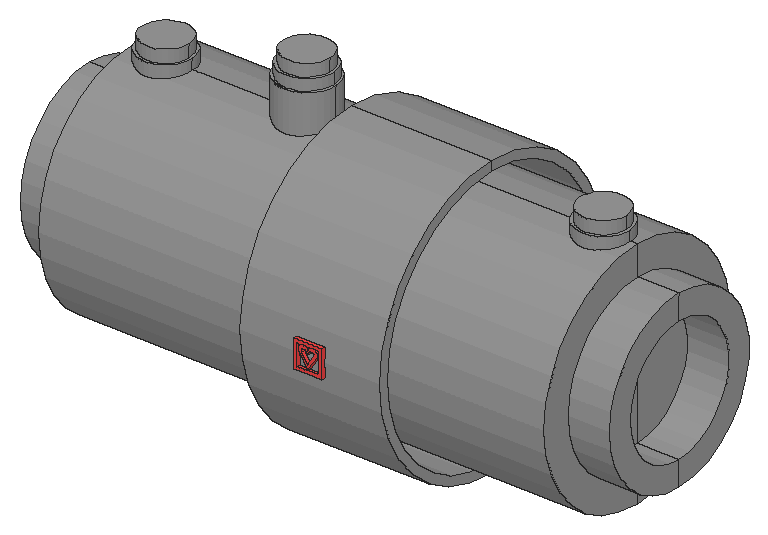
Revit family "HERZ System Separator 0307 IG-IG", category Rohrzubehör, Revit 2019
Family settings
  Bemaßung runder Anschluss = Durchmesser verwenden
  Teiletyp = Unterbricht
  OmniClass-Nummer = 23.65.55.14
  OmniClass-Titel = Valves for Liquid Services
  Arbeitsebenenbasiert = Nein
  Immer vertikal = Ja
  Beim Laden mit Abzugskörper schneiden = Nein
  Gemeinsam genutzt = Nein
Parameters (values of type "IG-IG DN40-DN40")
  URL = "www.herzvalves.com"
  SCTWSEQ = "AW;SBT_TYP_AW=\"104\";2"
  SCTWCODE = "04;12;02"  # constant formula
  S03 = 15.000 mm  # constant formula
  S02 = 45.000 mm  # constant formula
  S01 = 98.000 mm  # constant formula
  Nennweite Ein [instance] = if(IG_IG_DN40_DN40, 40.000 mm, if(IG_IG_DN40_DN50, 40.000 mm, if(IG_IG_DN50_DN40, 50.000 mm, if(IG_IG_DN50_DN50, 50.000 mm, 0.000 mm))))  # 40.000 mm
  Nennweite Aus [instance] = if(IG_IG_DN40_DN40, 40.000 mm, if(IG_IG_DN40_DN50, 50.000 mm, if(IG_IG_DN50_DN40, 40.000 mm, if(IG_IG_DN50_DN50, 50.000 mm, 0.000 mm))))  # 40.000 mm
  Model = "The backflow preventer has been developed in accordance with the standard DIN EN 1717.\r\nAccording to this standard, the water quality is divided up into 5 classes depending on the degree of contamination.\r\nBackflow preventers of type BA provide protection against non-drinking water up to hazard class 4.\r\nThis is the highest hazard class that may be safeguarded with a valve.\r\nSafeguarding a standpipe with a lower form of protection than a system separator of type BA per DIN EN 1717 is no longer reflective of current engineering practice and the operator is therefore liable in the event of damage with such a standpipe.\r\nThe functional unit is designed as a single-piece cartridge with large-dimension control piston and pressure surge-damped discharge valve system.\r\nThreaded connections are mutually interchangeable, whereby 16 possible connection variants exist (intake and outlet side available in 1 1/2\" inner or outer thread, alternatively in 2\" inner or outer thread)."
  Medium = "Water (without steam)"  # constant formula
  Max. permissible temperature (short-term) = 80 °C  # constant formula
  Max. operating temperature = 65 °C  # constant formula
  Max. operating pressure = 1000000.0 Pa  # constant formula
  L08 = 45.000 mm  # constant formula
  L07 = 24.500 mm  # constant formula
  L06 = 70.000 mm  # constant formula
  L05 = 28.000 mm  # constant formula
  L04 = 13.500 mm  # constant formula
  L03 = 84.500 mm  # constant formula
  L02 = 18.000 mm  # constant formula
  L01 = 190.000 mm  # constant formula
  Installation position = "Horizontal or perpendicular pointing downwards"  # constant formula
  Note = "Pursuant to Article 33 of the REACH Regulation (EC No. 1907/2006), we are obliged to point out that the material lead is listed on the SVHC list and that all brass components manufactured in our products exceed 0.1% (w / w) lead (CAS: 7439-92-1 / EINECS: 231-100-4).\r\nSince lead is a component part of an alloy, actual exposure is not possible and therefore no additional information on safe use is necessary."
  Hersteller = "HERZ Armaturen Ges.m.b.H."  # constant formula
  D04 [instance] = if(IG_IG_DN40_DN40, 28.000 mm, if(IG_IG_DN40_DN50, 33.000 mm, if(IG_IG_DN50_DN40, 28.000 mm, if(IG_IG_DN50_DN50, 33.000 mm, 0.000 mm))))  # 28.000 mm
  D03 [instance] = if(IG_IG_DN40_DN40, 28.000 mm, if(IG_IG_DN40_DN50, 28.000 mm, if(IG_IG_DN50_DN40, 33.000 mm, if(IG_IG_DN50_DN50, 33.000 mm, 0.000 mm))))  # 28.000 mm
  D02 = 45.000 mm  # constant formula
  D01 = 37.500 mm  # constant formula
  Body = "stainless steel"  # constant formula
  Part number [instance] = if(IG_IG_DN40_DN40, "I030701", if(IG_IG_DN40_DN50, "I030709", if(IG_IG_DN50_DN40, "I030713", if(IG_IG_DN50_DN50, "I030705", "0"))))  # "I030701"
  IG_IG_DN50_DN50 = no
  IG_IG_DN50_DN40 = no
  IG_IG_DN40_DN50 = no
  IG_IG_DN40_DN40 = yes
  IG Ein [instance] = Nennweite Ein / 2  # 20.000 mm
  IG Aus [instance] = Nennweite Aus / 2  # 20.000 mm
  Application = "The backflow preventer is an economical solution for retrofitting to standpipes that are required to have a mandatory safety valve according to DIN EN 1717 for preventing the back-suction, back-flowing or back-pressuring of non-drinking water into the drinking water line.\r\nThe backflow preventer is suitable for horizontal installation.\r\nIt can also be fitted perpendicular, although only pointing downwards.\r\nIt is not approved for installation in a riser."
Types (5, lengths in mm): name | Nennweite Ein | Nennweite Aus | D04 | D03 | Part number | IG_IG_DN50_DN50 | IG_IG_DN50_DN40 | IG_IG_DN40_DN50 | IG_IG_DN40_DN40 | IG Ein | IG Aus
  (no name) | 40.000 | 40.000 | 28.000 | 28.000 | "I030701" | no | no | no | yes | 20.000 | 20.000
  IG-IG DN40-DN50 | 40.000 | 50.000 | 33.000 | 28.000 | "I030709" | no | no | yes | no | 20.000 | 25.000
  IG-IG DN40-DN40 | 40.000 | 40.000 | 28.000 | 28.000 | "I030701" | no | no | no | yes | 20.000 | 20.000
  IG-IG DN50-DN50 | 50.000 | 50.000 | 33.000 | 33.000 | "I030705" | yes | no | no | no | 25.000 | 25.000
  IG-IG DN50-DN40 | 50.000 | 40.000 | 28.000 | 33.000 | "I030713" | no | yes | no | no | 25.000 | 20.000
Reference planes
  plane 1 "Mitte (Vorne/hinten)": y = 0
  plane 2: z = 0
  plane 3 "Mitte (Links/rechts)": x = 0
Forms (mm)
  Revolve 1, solid, material "Messing, weicher Gelbton, geschweißt", detail levels fine
    sketch origin (0, 0, 0) x (1, 0, 0) y (0, 0, 1)
      loop
        line (81.5, 0) -> (81.5, 20) -> (95, 20) -> (95, 28) -> (81.5, 28) -> (81.5, 37.5) -> (-81.5, 37.5) -> (-81.5, 28) -> (-95, 28) -> (-95, 20) -> (-81.5, 20) -> (-81.5, 0) -> (81.5, 0)
      axis (-95, 0) -> (95, 0)
    angle from 0 to 360
  Revolve 2, solid, material "Acetalharz, Schwarz", detail levels fine
    sketch origin (0, 0, 0) x (1, 0, 0) y (0, 0, 1)
      loop
        line (-10.5, 0) -> (1.5, 0) -> (1.5, 42) -> (34.5, 42) -> (34.5, 45) -> (-10.5, 45) -> (-10.5, 0)
      axis (-10.5, 0) -> (34.5, 0)
    angle from 0 to 360
  Extrusion 3, solid, material "Messing, weicher Gelbton, geschweißt", detail levels fine
    sketch origin (0, 0, 0) x (1, 0, 0) y (0, 1, 0)
      loop
        circle (-70.5, 0) r 8.5
      loop
        circle (70.5, 0) r 8.5
    from 0 to 40.5
  Extrusion 4, solid, material "Acetalharz, Schwarz", detail levels fine
    sketch origin (0, 0, 0) x (1, 0, 0) y (0, 1, 0)
      loop
        circle (-70.5, 0) r 7.5
      loop
        circle (70.5, 0) r 7.5
    from 40.5 to 44.5
  Extrusion 5, solid, material "Messing, weicher Gelbton, geschweißt", detail levels fine
    sketch origin (0, 0, 0) x (1, 0, 0) y (0, 1, 0)
      loop
        circle (-25, 0) r 9.3
    from 0 to 49
  Extrusion 6, solid, material "Messing, weicher Gelbton, geschweißt", detail levels fine
    sketch origin (0, 0, 0) x (1, 0, 0) y (0, 1, 0)
      loop
        circle (-25, 0) r 8.5
    from 49 to 52.5
  Extrusion 7, solid, material "Acetalharz, Schwarz", visible <- "IG_IG_DN40_DN50", detail levels fine
    sketch origin (0, 0, 0) x (1, 0, 0) y (0, 1, 0)
      loop
        circle (-25, 0) r 7.5
    from 52.5 to 56.5
  Extrusion 8, solid, material "Acetalharz, Schwarz", visible <- "IG_IG_DN40_DN40", detail levels fine
    sketch origin (0, 0, 0) x (1, 0, 0) y (0, 1, 0)
      loop
        circle (-25, 0) r 7.5
    from 52.5 to 56.4
  Extrusion 9, solid, material "Acetalharz, Schwarz", visible <- "IG_IG_DN50_DN50", detail levels fine
    sketch origin (0, 0, 0) x (1, 0, 0) y (0, 1, 0)
      loop
        circle (-25, 0) r 7.5
    from 52.5 to 56.3
  Extrusion 10, solid, material "Acetalharz, Schwarz", visible <- "IG_IG_DN50_DN40", detail levels fine
    sketch origin (0, 0, 0) x (1, 0, 0) y (0, 1, 0)
      loop
        circle (-25, 0) r 7.5
    from 52.5 to 56.2
Lines and regions (mm)
  model lines, detail levels coarse+medium
    curve 1: line (-95, 0, 37.5) -> (95, 0, 37.5)
    curve 2: line (-95, 0, -37.5) -> (-95, 0, 37.5)
    curve 3: line (95, 0, -37.5) -> (-95, 0, -37.5)
    curve 4: line (95, 0, 37.5) -> (95, 0, -37.5)
    curve 5: line (-95, 0, -22.5) -> (-50, 0, -22.5)
    curve 6: line (-3, 0, -22.5) -> (95, 0, -22.5)
    curve 7: line (-95, 0, 22.5) -> (-50, 0, 22.5)
    curve 8: line (-3, 0, 22.5) -> (95, 0, 22.5)
    curve 9: line (-95, 37.5, 0) -> (95, 37.5, 0)
    curve 10: line (-95, -37.5, 0) -> (-95, 37.5, 0)
    curve 11: line (95, -37.5, 0) -> (-95, -37.5, 0)
    curve 12: line (95, 37.5, 0) -> (95, -37.5, 0)
    curve 13: line (-95, 22.5, 0) -> (-50, 22.5, 0)
    curve 14: line (-3, 22.5, 0) -> (95, 22.5, 0)
    curve 15: line (-95, -22.5, 0) -> (-50, -22.5, 0)
    curve 16: line (-3, -22.5, 0) -> (95, -22.5, 0)
Dimensions and locks
  equal spacing: curve 4, plane 3 "Mitte (Links/rechts)", curve 2
  "L01": curve 4 to curve 2
  "D01": curve 1 to plane 2 to curve 3
  "S03": curve 5 to curve 3
  "S03": curve 1 to curve 7
  "S03": curve 1 to curve 8
  "S03": curve 6 to curve 3
  "S02": curve 5 to curve 2
  "S02": curve 7 to curve 2
  "S01": curve 8 to curve 4
  "S01": curve 6 to curve 4
  equal spacing: curve 10, plane 3 "Mitte (Links/rechts)", curve 12
  "L01": curve 10 to curve 12
  "D01": curve 11 to plane 1 "Mitte (Vorne/hinten)" to curve 9
  "S03": curve 13 to curve 9
  "S03": curve 11 to curve 15
  "S03": curve 14 to curve 9
  "S03": curve 11 to curve 16
  "S01": curve 14 to curve 12
  "S01": curve 16 to curve 12
  "S02": curve 10 to curve 15
  "S02": curve 10 to curve 13
  "D02": Revolve 2 sketch curve to Revolve 2 sketch curve
  equal spacing: Revolve 2, nested 1, Revolve 2
  "D02": nested 1 to plane 1 "Mitte (Vorne/hinten)"
  "IG Ein": Revolve 1 sketch curve to plane 2
  "D03": Revolve 1 sketch curve to plane 2
  "D01": Revolve 1 sketch curve to plane 2
  "L03": Revolve 1 to Revolve 2 sketch curve
  "L07": Revolve 1 to Extrusion 3 sketch curve
  "L07": Revolve 1 to Extrusion 4 sketch curve
  "L06": Revolve 1 to Extrusion 5 sketch curve
  "L06": Revolve 1 to Extrusion 6 sketch curve
  "L06": Revolve 1 to Extrusion 10 sketch curve
  "L06": Revolve 1 to Extrusion 9 sketch curve
  "L06": Revolve 1 to Extrusion 8 sketch curve
  "L06": Revolve 1 to Extrusion 7 sketch curve
  "L08": Revolve 2 sketch curve to Revolve 2 sketch curve
  "IG Aus": Revolve 1 sketch curve to Revolve 1 sketch curve
  "D04": Revolve 1 sketch curve to Revolve 1 sketch curve
  "L01": Revolve 1 sketch curve to Revolve 1 sketch curve
  equal spacing: Revolve 1 sketch curve, plane 3 "Mitte (Links/rechts)", Revolve 1 sketch curve
  "L07": Extrusion 3 sketch curve to Revolve 1
  "L07": Extrusion 4 sketch curve to Revolve 1
  "L04": Revolve 1 sketch curve to Revolve 1 sketch curve  (x2)
  aligned and locked: level to plane 2
Automatic sketch dimensions
  Revolve 1 sketch curve to level = 0.000 mm  (x2)
  Revolve 1 sketch curve to Revolve 1 sketch curve = 0.000 mm
  Revolve 1 sketch curve to Revolve 1 sketch curve = 13.500 mm
  Revolve 1 sketch curve to Revolve 1 sketch curve = 1408.530 mm
  Revolve 1 sketch curve to Revolve 1 sketch curve = 1741.148 mm
  Revolve 2 sketch curve to level = 0.000 mm  (x2)
  plane 3 "Mitte (Links/rechts)" to Revolve 2 sketch curve = 1.500 mm
  Revolve 2 sketch curve to Revolve 2 sketch curve = 3.000 mm
  Revolve 2 sketch curve to Revolve 2 sketch curve = 1496.030 mm
  Revolve 2 sketch curve to Revolve 2 sketch curve = 1804.648 mm
  plane 1 "Mitte (Vorne/hinten)" to Extrusion 3 sketch curve = 0.000 mm  (x2)
  plane 1 "Mitte (Vorne/hinten)" to Extrusion 4 sketch curve = 0.000 mm  (x2)
  plane 1 "Mitte (Vorne/hinten)" to Extrusion 5 sketch curve = 0.000 mm
  plane 1 "Mitte (Vorne/hinten)" to Extrusion 6 sketch curve = 0.000 mm
  plane 1 "Mitte (Vorne/hinten)" to Extrusion 7 sketch curve = 0.000 mm
  plane 1 "Mitte (Vorne/hinten)" to Extrusion 8 sketch curve = 0.000 mm
  plane 1 "Mitte (Vorne/hinten)" to Extrusion 9 sketch curve = 0.000 mm
  plane 1 "Mitte (Vorne/hinten)" to Extrusion 10 sketch curve = 0.000 mm
  radius of Extrusion 3 sketch curve = 8.500 mm  (x2)
  radius of Extrusion 4 sketch curve = 7.500 mm  (x2)
  radius of Extrusion 5 sketch curve = 9.300 mm
  radius of Extrusion 6 sketch curve = 8.500 mm
  radius of Extrusion 7 sketch curve = 7.500 mm
  radius of Extrusion 8 sketch curve = 7.500 mm
  radius of Extrusion 9 sketch curve = 7.500 mm
  radius of Extrusion 10 sketch curve = 7.500 mm
Nested families
  nested 1: "Herz-Logo-vorne" at (12, -45, 0) x (0, 1, 0) z (0, 0, 1), type "Herz-Logo-vorne", detail levels fine
Connectors
  piping at (-81.5, 0, 0), diameter 40, driven by "Nennweite Ein"
    settings: on Revolve 1, index 1, connector inside diameter 609.6 mm, connector length 0.000 mm, flow factor 0, pipe flow 0.0 L/s, pressure drop 0.0 Pa, fitting loss kfactor 0, connector angle 0.00°, fixture units 0, engagement length 0.000 mm, angle of deflection 0.00°, flow configuration 0, flow direction 1, fitting loss method 0, system type 29, joint type 0, gender type 0, connector reference index -1, connector utility 0, adjustable connector no, is connector primary yes, connector description ""
  piping at (81.5, 0, 0), diameter 40, driven by "Nennweite Aus"
    settings: on Revolve 1, index 2, connector inside diameter 609.6 mm, connector length 0.000 mm, flow factor 0, pipe flow 0.0 L/s, pressure drop 0.0 Pa, fitting loss kfactor 0, connector angle 0.00°, fixture units 0, engagement length 0.000 mm, angle of deflection 0.00°, flow configuration 0, flow direction 2, fitting loss method 0, system type 29, joint type 0, gender type 0, connector reference index -1, connector utility 0, adjustable connector no, is connector primary no, connector description ""
Definition of nested family "Herz-Logo-vorne"
  Reference planes
    plane 1 "Mitte (Vorne/hinten)": y = 0
    plane 2: z = 0
    plane 3 "Mitte (Links/rechts)": x = 0
  Forms (mm)
    Extrusion 1, solid
      sketch origin (0.732, -0.018, 0.017) x (0, -1, 0) y (0, 0, 1)
        loop
          line (-0.018, -4.517) -> (4.482, -4.517) -> (4.482, 4.483) -> (-4.518, 4.483) -> (-4.518, -4.517) -> (-0.018, -4.517)
        loop
          line (-0.05, -3.48) -> (3.482, -3.48) -> (3.482, 3.483) -> (-3.518, 3.483) -> (-3.518, -3.48) -> (-0.05, -3.48)
        loop
          arc (-0.018, 2.383) -> (-1.543, 3.287) -> (-3.067, 2.383) r 1.738
          arc (-3.067, 2.383) -> (-3.191, 1.899) -> (-3.067, 1.415) r 1.009
          line (-3.067, 1.415) -> (-0.018, -3.281) -> (3.032, 1.415)
          arc (3.032, 1.415) -> (3.156, 1.899) -> (3.032, 2.383) r 1.009
          arc (3.032, 2.383) -> (1.507, 3.287) -> (-0.018, 2.383) r 1.738
        loop
          arc (1.885, 1.272) -> (2.005, 1.675) -> (1.885, 2.079) r 0.74
          arc (1.885, 2.079) -> (1.265, 2.416) -> (0.644, 2.079) r 0.74
          line (0.644, 2.079) -> (-0.018, 0.97) -> (-0.679, 2.079)
          arc (-0.679, 2.079) -> (-1.3, 2.416) -> (-1.921, 2.079) r 0.74
          arc (-1.921, 2.079) -> (-2.04, 1.675) -> (-1.921, 1.272) r 0.74
          line (-1.921, 1.272) -> (-0.018, -1.658) -> (1.885, 1.272)
      from 0 to 1.5
  Dimensions and locks
    aligned and locked: level to plane 2
